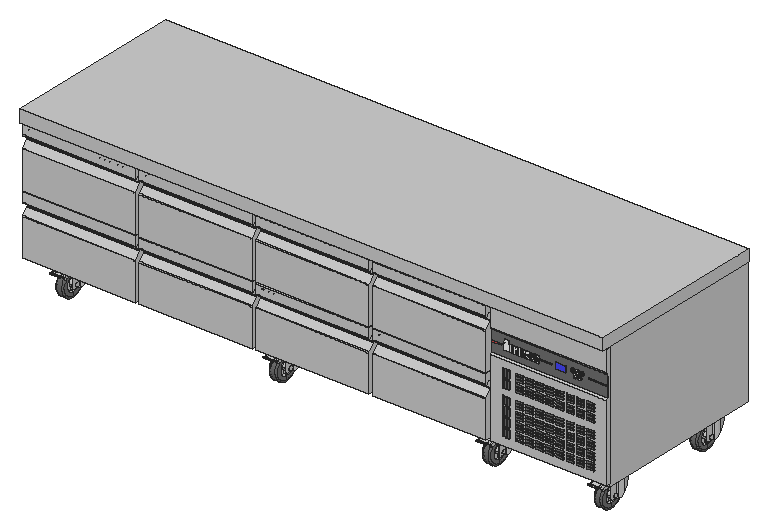
Revit family "QF_INOMAK_PWDP7777_250528083448", category Specialty Equipment, Revit 2021 (continued)
Definition of nested family "QF_INOMAK_REF_COUNTERS_DOORS_DRAWERS_16014"
  Definition of nested family "Right_Door"
    Parameters (values of type "Right door")
      Description = ""
      Depth Actual [instance] = 700 mm
      Default Elevation = 0 mm
      Bottom inset [instance] = 4 mm
      Assembly Code = "E1090320"
    Reference planes
      plane 1 "Back": y = 0
      plane 2: z = 0
      plane 3 "Left": x = 0
      plane 4 "Right": x = 1700
      plane 5 "Front": y = -700
      plane 6 "Top": z = 1050
      plane 7 "Front legs": y = -690
      plane 8 "Legs top": z = 150
      plane 9 "Backsplash thickness": y = -10
      plane 10 "Left panel": x = 35
      plane 11 "Right panel": x = 1665
      plane 12: z = 1046
      plane 13: z = 154
    Forms (mm)
      Extrusion 1, solid, material <- "Finish", visible <- "Right hand hinged door"
        sketch origin (35, 0, 0) x (0, -1, 0) y (0, 0, 1)
          loop
            line (690, 154) -> (690, 960.365)
            arc (690, 960.365) -> (689.866, 961.037) -> (689.485, 961.607) r 1.757
            line (689.485, 961.607) -> (666.663, 984.429)
            arc (666.663, 984.429) -> (665.976, 985.458) -> (665.734, 986.672) r 3.172
            line (665.734, 986.672) -> (665.734, 1013.576)
            arc (665.734, 1013.576) -> (666.433, 1015.262) -> (668.119, 1015.961) r 2.385
            line (668.119, 1015.961) -> (680.029, 1015.961) -> (686.544, 1006.657)
            arc (686.544, 1006.657) -> (688.671, 1005.935) -> (690, 1007.747) r 1.9
            line (690, 1007.747) -> (690, 1046) -> (648, 1046) -> (648, 154) -> (690, 154)
        from 0 to -1630
      Extrusion 2, solid, visible <- "Right hand hinged door", detail levels coarse
        sketch origin (0, -700, 154) x (-1, 0, 0) y (0, 1, 0)
          loop
            line (-1665, 10) -> (-1665, -1637.12)
            arc (-1665, -1637.12) -> (-517.894, -1142.214) -> (-35, 10) r 1670.236
            line (-35, 10) -> (-1665, 10)
        from 0 to -892
    Lines and regions (mm)
      symbolic lines, visible <- "Right hand hinged door"
        curve 1: line (1665, -2337.12, 150) -> (1665, -700, 150)
        curve 2: arc (1665, -2337.12, 150) -> (521.415, -1845.762, 150) -> (35.165, -699.995, 150) r 1670.236
    Dimensions and locks
      "Length Actual": plane 3 "Left" to plane 4 "Right"
      "Depth Actual": plane 5 "Front" to plane 1 "Back"
      "Height Actual": plane 6 "Top" to plane 8 "Legs top"
      "Front inset": plane 7 "Front legs" to plane 5 "Front"
      "Plinth height": plane 8 "Legs top" to plane 2
      "Rear inset": plane 9 "Backsplash thickness" to plane 1 "Back"
      "Right panel thickness": plane 11 "Right panel" to plane 4 "Right"
      "Left panel thickness": plane 3 "Left" to plane 10 "Left panel"
      "Top inset": plane 6 "Top" to plane 12
      "Bottom inset": plane 13 to plane 8 "Legs top"
      aligned and locked: level to plane 2
      aligned and locked: Extrusion 1 to plane 11 "Right panel"
      aligned and locked: plane 10 "Left panel" to Extrusion 2 sketch curve
      aligned and locked: plane 11 "Right panel" to Extrusion 2 sketch curve
      aligned and locked: plane 7 "Front legs" to Extrusion 2
      aligned and locked: plane 7 "Front legs" to Extrusion 2 sketch curve
      aligned and locked: Extrusion 2 sketch curve to plane 11 "Right panel"
      aligned and locked: curve 1 to Extrusion 2
      aligned and locked: plane 5 "Front" to curve 1
      aligned and locked: Extrusion 2 to plane 12
      aligned and locked: Extrusion 1 sketch curve to plane 12
      aligned and locked: Extrusion 1 sketch curve to plane 7 "Front legs"
      aligned and locked: Extrusion 1 sketch curve to plane 13
      aligned and locked: curve 2 to Extrusion 2
    Automatic sketch dimensions
      Extrusion 1 sketch curve to Extrusion 1 sketch curve = 1.556 mm
      Extrusion 1 sketch curve to Extrusion 1 sketch curve = 11.91 mm
      Extrusion 1 sketch curve to Extrusion 1 sketch curve = 2.243 mm
      Extrusion 1 sketch curve to Extrusion 1 sketch curve = 2.385 mm
      Extrusion 1 sketch curve to Extrusion 1 sketch curve = 20.119 mm
      Extrusion 1 sketch curve to Extrusion 1 sketch curve = 22.822 mm
      Extrusion 1 sketch curve to Extrusion 1 sketch curve = 19.985 mm
      Extrusion 1 sketch curve to Extrusion 1 sketch curve = 6.919 mm
      Extrusion 1 sketch curve to Extrusion 1 sketch curve = 30.039 mm
      plane 7 "Front legs" to Extrusion 1 sketch curve = 42 mm
      Extrusion 1 sketch curve to Extrusion 1 sketch curve = 0.929 mm
      Extrusion 1 sketch curve to Extrusion 1 sketch curve = 6.515 mm
      Extrusion 1 sketch curve to Extrusion 1 sketch curve = 1.242 mm
      Extrusion 1 sketch curve to Extrusion 1 sketch curve = 1.9 mm
      Extrusion 1 sketch curve to Extrusion 1 sketch curve = 0.515 mm
      Extrusion 2 sketch curve to plane 4 "Right" = 5.083 mm
      plane 7 "Front legs" to Extrusion 2 sketch curve = 22.635 mm
      plane 5 "Front" to curve 2 = 0.005 mm
  Definition of nested family "3_Drawers_1-3"
    Parameters (values of type "3 Drawers 1-3")
      URL = "www.specifiglobal.com"
      Top inset [instance] = 4 mm
      Right panel thickness [instance] = 35 mm
      Rear inset [instance] = 10 mm
      Plinth height [instance] = 150 mm
      Model = ""
      Manufacturer = "DEMO CONSULTANT"
      Length Actual [instance] = 1200 mm
      Left panel thickness [instance] = 35 mm
      Height Actual [instance] = 900 mm
      Front inset [instance] = 10 mm
      Finish = none
      Doors drawers type [instance] = 6
      Description = ""
      Depth Actual [instance] = 700 mm
      Default Elevation = 0 mm
      Bottom inset [instance] = 4 mm
      Assembly Code = "E1090320"
      3 Drawers [instance] = Doors drawers type = 6  # yes
    Reference planes
      plane 1 "Back": y = 0
      plane 2: z = 0
      plane 3 "Left": x = 0
      plane 4 "Right": x = 1200
      plane 5 "Front": y = -700
      plane 6 "Top": z = 1050
      plane 7 "Front legs": y = -690
      plane 8 "Legs top": z = 150
      plane 9 "Backsplash thickness": y = -10
      plane 10 "Left panel": x = 35
      plane 11 "Right panel": x = 1165
      plane 12: z = 749.333
      plane 13: z = 1046
      plane 14: z = 751.667
      plane 15: z = 747
      plane 16: z = 1048
      plane 17: z = 450.667
      plane 18: z = 453.333
      plane 19: z = 448
      plane 20: z = 154
      plane 21: z = 152
    Forms (mm)
      Extrusion 1, solid, material <- "Finish", visible <- "3 Drawers"
        sketch origin (35, 0, 0) x (0, -1, 0) y (0, 0, 1)
          loop
            line (690, 751.667) -> (690, 960.365)
            arc (690, 960.365) -> (689.866, 961.037) -> (689.485, 961.607) r 1.757
            line (689.485, 961.607) -> (666.663, 984.429)
            arc (666.663, 984.429) -> (665.976, 985.458) -> (665.734, 986.672) r 3.172
            line (665.734, 986.672) -> (665.734, 1013.576)
            arc (665.734, 1013.576) -> (666.433, 1015.262) -> (668.119, 1015.961) r 2.385
            line (668.119, 1015.961) -> (680.029, 1015.961) -> (686.544, 1006.657)
            arc (686.544, 1006.657) -> (688.671, 1005.935) -> (690, 1007.747) r 1.9
            line (690, 1007.747) -> (690, 1046) -> (648, 1046) -> (648, 751.667) -> (690, 751.667)
        from 0 to -1130
      Extrusion 2, solid, visible <- "3 Drawers", detail levels coarse
        sketch origin (0, -640.463, 751.667) x (0, 1, 0) y (-1, 0, 0)
          loop
            line (-49.537, -35) -> (-624.582, -35) -> (-624.582, -1165) -> (-49.537, -1165) -> (-49.537, -35)
        from 0 to 294.333
      Extrusion 3, solid, visible <- "3 Drawers", detail levels coarse
        sketch origin (0, -640.463, 453.333) x (0, 1, 0) y (-1, 0, 0)
          loop
            line (-49.537, -35) -> (-624.582, -35) -> (-624.582, -1165) -> (-49.537, -1165) -> (-49.537, -35)
        from 0 to 293.667
      Extrusion 4, solid, visible <- "3 Drawers", detail levels coarse
        sketch origin (0, -700, 154) x (-1, 0, 0) y (0, 1, 0)
          loop
            line (-35, 10) -> (-1165, 10) -> (-1165, -565.045) -> (-35, -565.045) -> (-35, 10)
        from 0 to -294
      Extrusion 5, solid, material <- "Finish", visible <- "3 Drawers"
        sketch origin (35, 0, -220.667) x (0, -1, 0) y (0, 0, 1)
          loop
            line (690, 674) -> (690, 882.031)
            arc (690, 882.031) -> (689.866, 882.704) -> (689.485, 883.274) r 1.757
            line (689.485, 883.274) -> (666.663, 906.096)
            arc (666.663, 906.096) -> (665.976, 907.125) -> (665.734, 908.339) r 3.172
            line (665.734, 908.339) -> (665.734, 935.243)
            arc (665.734, 935.243) -> (666.433, 936.929) -> (668.119, 937.628) r 2.385
            line (668.119, 937.628) -> (680.029, 937.628) -> (686.544, 928.324)
            arc (686.544, 928.324) -> (688.671, 927.602) -> (690, 929.414) r 1.9
            line (690, 929.414) -> (690, 967.667) -> (648, 967.667) -> (648, 674) -> (690, 674)
        from 0 to -1130
      Extrusion 6, solid, material <- "Finish", visible <- "3 Drawers"
        sketch origin (35, 0, -441.333) x (0, -1, 0) y (0, 0, 1)
          loop
            line (690, 595.333) -> (690, 800.031)
            arc (690, 800.031) -> (689.866, 800.704) -> (689.485, 801.274) r 1.757
            line (689.485, 801.274) -> (666.663, 824.096)
            arc (666.663, 824.096) -> (665.976, 825.125) -> (665.734, 826.339) r 3.172
            line (665.734, 826.339) -> (665.734, 857.243)
            arc (665.734, 857.243) -> (666.433, 858.929) -> (668.119, 859.628) r 2.385
            line (668.119, 859.628) -> (680.029, 859.628) -> (686.544, 850.324)
            arc (686.544, 850.324) -> (688.671, 849.602) -> (690, 851.414) r 1.9
            line (690, 851.414) -> (690, 889.333) -> (648, 889.333) -> (648, 595.333) -> (690, 595.333)
        from 0 to -1130
    Lines and regions (mm)
      symbolic lines, visible <- "3 Drawers"
        curve 1: line (35, -850, 900) -> (35, -890, 900)
        curve 2: line (35, -890, 900) -> (1165, -890, 900)
        curve 3: line (1165, -890, 900) -> (1165, -850, 900)
        curve 4: line (1165, -850, 900) -> (35, -850, 900)
        curve 5: line (1135, -850, 900) -> (1135, -700, 900)
        curve 6: line (65, -850, 900) -> (65, -700, 900)
        curve 7: line (35, -1040, 900) -> (35, -1080, 900)
        curve 8: line (35, -1080, 900) -> (1165, -1080, 900)
        curve 9: line (1165, -1080, 900) -> (1165, -1040, 900)
        curve 10: line (1165, -1040, 900) -> (35, -1040, 900)
        curve 11: line (1135, -1040, 900) -> (1135, -890, 900)
        curve 12: line (65, -1040, 900) -> (65, -890, 900)
        curve 13: line (35, -1225, 900) -> (35, -1265, 900)
        curve 14: line (35, -1265, 900) -> (1165, -1265, 900)
        curve 15: line (1165, -1265, 900) -> (1165, -1225, 900)
        curve 16: line (1165, -1225, 900) -> (35, -1225, 900)
        curve 17: line (1135, -1225, 900) -> (1135, -1080, 900)
        curve 18: line (65, -1225, 900) -> (65, -1080, 900)
    Dimensions and locks
      "Length Actual": plane 3 "Left" to plane 4 "Right"
      "Depth Actual": plane 5 "Front" to plane 1 "Back"
      "Height Actual": plane 6 "Top" to plane 8 "Legs top"
      "Front inset": plane 7 "Front legs" to plane 5 "Front"
      "Plinth height": plane 8 "Legs top" to plane 2
      "Rear inset": plane 9 "Backsplash thickness" to plane 1 "Back"
      "Right panel thickness": plane 11 "Right panel" to plane 4 "Right"
      "Left panel thickness": plane 3 "Left" to plane 10 "Left panel"
      plane 14 to plane 15 = 4.667 mm
      equal spacing: plane 14, plane 12, plane 15
      locked: plane 16 to plane 13 at 2
      equal spacing: plane 18, plane 17, plane 19
      plane 18 to plane 19 = 5.333 mm
      "Bottom inset": plane 20 to plane 8 "Legs top"
      equal spacing: plane 21, plane 17, plane 12, plane 16
      "Top inset": plane 13 to plane 6 "Top"
      locked: plane 21 to plane 20 at 2
      aligned and locked: level to plane 2
      aligned and locked: Extrusion 1 to plane 11 "Right panel"
      aligned and locked: plane 10 "Left panel" to curve 1
      aligned and locked: plane 10 "Left panel" to curve 7
      aligned and locked: plane 10 "Left panel" to curve 13
      aligned and locked: Extrusion 2 sketch curve to plane 10 "Left panel"
      aligned and locked: plane 11 "Right panel" to Extrusion 2 sketch curve
      aligned and locked: Extrusion 3 sketch curve to plane 10 "Left panel"
      aligned and locked: plane 11 "Right panel" to Extrusion 3 sketch curve
      aligned and locked: Extrusion 4 sketch curve to plane 10 "Left panel"
      aligned and locked: plane 11 "Right panel" to Extrusion 4 sketch curve
      aligned and locked: Extrusion 2 to plane 13
      aligned and locked: Extrusion 3 to plane 15
      aligned and locked: Extrusion 4 to plane 19
      aligned and locked: Extrusion 5 to plane 11 "Right panel"
      aligned and locked: Extrusion 6 to plane 11 "Right panel"
      aligned and locked: Extrusion 1 sketch curve to plane 13
      aligned and locked: Extrusion 1 sketch curve to plane 7 "Front legs"
      aligned and locked: plane 18 to Extrusion 5 sketch curve
      aligned and locked: Extrusion 6 sketch curve to Extrusion 4  (x2)
      aligned and locked: Extrusion 5 sketch curve to plane 15
      aligned and locked: Extrusion 4 to Extrusion 5 sketch curve
      aligned and locked: Extrusion 6 sketch curve to plane 19
      aligned and locked: Extrusion 6 sketch curve to plane 20
    Automatic sketch dimensions
      Extrusion 2 sketch curve to plane 7 "Front legs" = 0 mm
      Extrusion 2 sketch curve to plane 5 "Front" = 565.045 mm
      Extrusion 3 sketch curve to plane 7 "Front legs" = 0 mm
      Extrusion 3 sketch curve to plane 5 "Front" = 565.045 mm
      Extrusion 4 sketch curve to plane 7 "Front legs" = 0 mm
      Extrusion 4 sketch curve to plane 5 "Front" = 565.045 mm
      curve 14 to plane 11 "Right panel" = 0 mm
      curve 8 to plane 11 "Right panel" = 0 mm
      curve 3 to plane 11 "Right panel" = 0 mm
      curve 6 to plane 5 "Front" = 0 mm
      curve 5 to plane 5 "Front" = 0 mm
      curve 1 to plane 5 "Front" = 150 mm
      curve 2 to curve 3 = 40 mm
      curve 10 to curve 1 = 150 mm
      curve 9 to curve 9 = 40 mm
      curve 13 to curve 7 = 145 mm
      curve 14 to curve 13 = 40 mm
      curve 3 to curve 5 = 30 mm
      curve 15 to curve 17 = 30 mm
      curve 11 to curve 17 = 0 mm
      curve 6 to plane 10 "Left panel" = 30 mm
      curve 18 to plane 10 "Left panel" = 30 mm
      curve 12 to curve 18 = 0 mm
      Extrusion 1 sketch curve to plane 14 = 0 mm
      Extrusion 1 sketch curve to plane 7 "Front legs" = 0 mm
      plane 7 "Front legs" to Extrusion 1 sketch curve = 0.515 mm
      plane 7 "Front legs" to Extrusion 1 sketch curve = 1.757 mm
      plane 7 "Front legs" to Extrusion 1 sketch curve = 1.9 mm
      Extrusion 1 sketch curve to Extrusion 1 sketch curve = 1.556 mm
      plane 7 "Front legs" to Extrusion 1 sketch curve = 9.971 mm
      plane 7 "Front legs" to Extrusion 1 sketch curve = 21.094 mm
      Extrusion 1 sketch curve to Extrusion 1 sketch curve = 11.91 mm
      Extrusion 1 sketch curve to Extrusion 1 sketch curve = 2.243 mm
      Extrusion 1 sketch curve to Extrusion 1 sketch curve = 2.385 mm
      Extrusion 1 sketch curve to Extrusion 1 sketch curve = 20.119 mm
      plane 13 to Extrusion 1 sketch curve = 85.635 mm
      Extrusion 1 sketch curve to Extrusion 1 sketch curve = 22.822 mm
      Extrusion 1 sketch curve to Extrusion 1 sketch curve = 19.985 mm
      Extrusion 1 sketch curve to Extrusion 1 sketch curve = 6.919 mm
      plane 15 to Extrusion 5 sketch curve = 59.328 mm
      Extrusion 5 sketch curve to Extrusion 5 sketch curve = 17.734 mm
      plane 15 to Extrusion 5 sketch curve = 61.571 mm
      Extrusion 5 sketch curve to Extrusion 5 sketch curve = 0.929 mm
      Extrusion 5 sketch curve to Extrusion 5 sketch curve = 2.385 mm
      Extrusion 5 sketch curve to Extrusion 5 sketch curve = 11.91 mm
      Extrusion 5 sketch curve to Extrusion 5 sketch curve = 6.515 mm
      Extrusion 5 sketch curve to Extrusion 5 sketch curve = 1.556 mm
      Extrusion 5 sketch curve to Extrusion 5 sketch curve = 21.58 mm
      plane 15 to Extrusion 5 sketch curve = 84.393 mm
      Extrusion 5 sketch curve to Extrusion 5 sketch curve = 1.242 mm
      Extrusion 5 sketch curve to Extrusion 5 sketch curve = 1.9 mm
      Extrusion 5 sketch curve to Extrusion 5 sketch curve = 0.515 mm
      Extrusion 5 sketch curve to Extrusion 5 sketch curve = 6.919 mm
      Extrusion 5 sketch curve to Extrusion 5 sketch curve = 30.039 mm
      plane 7 "Front legs" to Extrusion 6 sketch curve = 0.515 mm
      plane 7 "Front legs" to Extrusion 6 sketch curve = 1.757 mm
      plane 7 "Front legs" to Extrusion 6 sketch curve = 1.9 mm
      Extrusion 6 sketch curve to Extrusion 6 sketch curve = 1.556 mm
      plane 7 "Front legs" to Extrusion 6 sketch curve = 9.971 mm
      plane 7 "Front legs" to Extrusion 6 sketch curve = 21.094 mm
      Extrusion 6 sketch curve to Extrusion 6 sketch curve = 11.91 mm
      Extrusion 6 sketch curve to Extrusion 6 sketch curve = 2.243 mm
      Extrusion 6 sketch curve to Extrusion 6 sketch curve = 2.385 mm
      Extrusion 6 sketch curve to Extrusion 6 sketch curve = 20.119 mm
      plane 19 to Extrusion 6 sketch curve = 89.302 mm
      Extrusion 6 sketch curve to Extrusion 6 sketch curve = 22.822 mm
      Extrusion 6 sketch curve to Extrusion 6 sketch curve = 23.985 mm
      Extrusion 6 sketch curve to Extrusion 6 sketch curve = 6.919 mm
  Definition of nested family "2_Drawers_1-2"
    Parameters (values of type "2 Drawers 1-2")
      URL = "www.specifiglobal.com"
      Top inset [instance] = 4 mm
      Right panel thickness [instance] = 35 mm
      Rear inset [instance] = 10 mm
      Plinth height [instance] = 150 mm
      Model = ""
      Manufacturer = "DEMO CONSULTANT"
      Length Actual [instance] = 1200 mm
      Left panel thickness [instance] = 35 mm
      Height Actual [instance] = 900 mm
      Front inset [instance] = 10 mm
      Finish = none
      Doors drawers type [instance] = 4
      Description = ""
      Depth Actual [instance] = 700 mm
      Default Elevation = 0 mm
      Bottom inset [instance] = 4 mm
      Assembly Code = "E1090320"
      2 Drawers [instance] = Doors drawers type = 4  # yes
    Reference planes
      plane 1 "Back": y = 0
      plane 2: z = 0
      plane 3 "Left": x = 0
      plane 4 "Right": x = 1200
      plane 5 "Front": y = -700
      plane 6 "Top": z = 1050
      plane 7 "Front legs": y = -690
      plane 8 "Legs top": z = 150
      plane 9 "Backsplash thickness": y = -10
      plane 10 "Left panel": x = 35
      plane 11 "Right panel": x = 1165
      plane 12: z = 600
      plane 13: z = 1046
      plane 14: z = 602
      plane 15: z = 598
      plane 16: z = 154
    Forms (mm)
      Extrusion 1, solid, material <- "Finish", visible <- "2 Drawers"
        sketch origin (35, 0, 0) x (0, -1, 0) y (0, 0, 1)
          loop
            line (690, 602) -> (690, 960.365)
            arc (690, 960.365) -> (689.866, 961.037) -> (689.485, 961.607) r 1.757
            line (689.485, 961.607) -> (666.663, 984.429)
            arc (666.663, 984.429) -> (665.976, 985.458) -> (665.734, 986.672) r 3.172
            line (665.734, 986.672) -> (665.734, 1013.576)
            arc (665.734, 1013.576) -> (666.433, 1015.262) -> (668.119, 1015.961) r 2.385
            line (668.119, 1015.961) -> (680.029, 1015.961) -> (686.544, 1006.657)
            arc (686.544, 1006.657) -> (688.671, 1005.935) -> (690, 1007.747) r 1.9
            line (690, 1007.747) -> (690, 1046) -> (648, 1046) -> (648, 602) -> (690, 602)
        from 0 to -1130
      Extrusion 2, solid, visible <- "2 Drawers", detail levels coarse
        sketch origin (0, -640.463, 602) x (0, 1, 0) y (-1, 0, 0)
          loop
            line (-49.537, -35) -> (-624.537, -35) -> (-624.537, -1165) -> (-49.537, -1165) -> (-49.537, -35)
        from 0 to 444
      Extrusion 3, solid, visible <- "2 Drawers", detail levels coarse
        sketch origin (0, -700, 154) x (-1, 0, 0) y (0, 1, 0)
          loop
            line (-35, 10) -> (-1165, 10) -> (-1165, -565) -> (-35, -565) -> (-35, 10)
        from 0 to -444
      Extrusion 4, solid, material <- "Finish", visible <- "2 Drawers"
        sketch origin (35, 0, -441.333) x (0, -1, 0) y (0, 0, 1)
          loop
            line (690, 595.333) -> (690, 953.698)
            arc (690, 953.698) -> (689.866, 954.37) -> (689.485, 954.94) r 1.757
            line (689.485, 954.94) -> (666.663, 977.763)
            arc (666.663, 977.763) -> (665.976, 978.792) -> (665.734, 980.006) r 3.172
            line (665.734, 980.006) -> (665.734, 1006.909)
            arc (665.734, 1006.909) -> (666.433, 1008.596) -> (668.119, 1009.294) r 2.385
            line (668.119, 1009.294) -> (680.029, 1009.294) -> (686.544, 999.991)
            arc (686.544, 999.991) -> (688.671, 999.268) -> (690, 1001.08) r 1.9
            line (690, 1001.08) -> (690, 1039.333) -> (648, 1039.333) -> (648, 595.333) -> (690, 595.333)
        from 0 to -1130
    Lines and regions (mm)
      symbolic lines, visible <- "2 Drawers"
        curve 1: line (35, -940, 900) -> (35, -980, 900)
        curve 2: line (35, -980, 900) -> (1165, -980, 900)
        curve 3: line (1165, -980, 900) -> (1165, -940, 900)
        curve 4: line (1165, -940, 900) -> (35, -940, 900)
        curve 5: line (1135, -940, 900) -> (1135, -700, 900)
        curve 6: line (65, -940, 900) -> (65, -700, 900)
        curve 7: line (35, -1225, 900) -> (35, -1265, 900)
        curve 8: line (35, -1265, 900) -> (1165, -1265, 900)
        curve 9: line (1165, -1265, 900) -> (1165, -1225, 900)
        curve 10: line (1165, -1225, 900) -> (35, -1225, 900)
        curve 11: line (1135, -1225, 900) -> (1135, -980, 900)
        curve 12: line (65, -1225, 900) -> (65, -980, 900)
    Dimensions and locks
      "Length Actual": plane 3 "Left" to plane 4 "Right"
      "Depth Actual": plane 5 "Front" to plane 1 "Back"
      "Height Actual": plane 6 "Top" to plane 8 "Legs top"
      "Front inset": plane 7 "Front legs" to plane 5 "Front"
      "Plinth height": plane 8 "Legs top" to plane 2
      "Rear inset": plane 9 "Backsplash thickness" to plane 1 "Back"
      "Right panel thickness": plane 11 "Right panel" to plane 4 "Right"
      "Left panel thickness": plane 3 "Left" to plane 10 "Left panel"
      "Top inset": plane 6 "Top" to plane 13
      "Bottom inset": plane 16 to plane 8 "Legs top"
      equal spacing: plane 16, plane 12, plane 13
      locked: plane 14 to plane 12 at 2
      locked: plane 15 to plane 12 at 2
      aligned and locked: level to plane 2
      aligned and locked: Extrusion 1 to plane 11 "Right panel"
      aligned and locked: plane 10 "Left panel" to curve 1
      aligned and locked: plane 10 "Left panel" to curve 7
      aligned and locked: Extrusion 2 sketch curve to plane 10 "Left panel"
      aligned and locked: plane 11 "Right panel" to Extrusion 2 sketch curve
      aligned and locked: Extrusion 3 sketch curve to plane 10 "Left panel"
      aligned and locked: plane 11 "Right panel" to Extrusion 3 sketch curve
      aligned and locked: Extrusion 2 to plane 13
      aligned and locked: Extrusion 4 to plane 11 "Right panel"
      aligned and locked: Extrusion 3 to plane 15
      aligned and locked: Extrusion 1 sketch curve to plane 13
      aligned and locked: Extrusion 1 sketch curve to plane 7 "Front legs"
      aligned and locked: plane 14 to Extrusion 1 sketch curve
      aligned and locked: Extrusion 4 sketch curve to plane 15
      aligned and locked: Extrusion 4 sketch curve to plane 7 "Front legs"
      aligned and locked: Extrusion 4 sketch curve to plane 16
    Automatic sketch dimensions
      Extrusion 2 sketch curve to plane 7 "Front legs" = 0 mm
      Extrusion 2 sketch curve to plane 5 "Front" = 565 mm
      Extrusion 3 sketch curve to plane 7 "Front legs" = 0 mm
      Extrusion 3 sketch curve to plane 5 "Front" = 565 mm
      curve 9 to plane 11 "Right panel" = 0 mm
      curve 2 to plane 11 "Right panel" = 0 mm
      curve 5 to plane 5 "Front" = 0 mm
      curve 6 to plane 5 "Front" = 0 mm
      curve 1 to plane 5 "Front" = 240 mm
      curve 3 to curve 3 = 40 mm
      curve 7 to curve 1 = 245 mm
      curve 8 to curve 9 = 40 mm
      plane 11 "Right panel" to curve 5 = 30 mm
      curve 2 to curve 11 = 30 mm
      curve 6 to plane 10 "Left panel" = 30 mm
      curve 12 to plane 10 "Left panel" = 30 mm
      Extrusion 1 sketch curve to Extrusion 1 sketch curve = 17.734 mm
      Extrusion 1 sketch curve to Extrusion 1 sketch curve = 0.929 mm
      Extrusion 1 sketch curve to Extrusion 1 sketch curve = 2.385 mm
      Extrusion 1 sketch curve to Extrusion 1 sketch curve = 3.172 mm
      Extrusion 1 sketch curve to Extrusion 1 sketch curve = 11.91 mm
      Extrusion 1 sketch curve to Extrusion 1 sketch curve = 6.515 mm
      Extrusion 1 sketch curve to Extrusion 1 sketch curve = 1.556 mm
      Extrusion 1 sketch curve to Extrusion 1 sketch curve = 21.58 mm
      Extrusion 1 sketch curve to Extrusion 1 sketch curve = 1.242 mm
      Extrusion 1 sketch curve to Extrusion 1 sketch curve = 1.9 mm
      Extrusion 1 sketch curve to Extrusion 1 sketch curve = 0.515 mm
      Extrusion 1 sketch curve to Extrusion 1 sketch curve = 22.822 mm
      Extrusion 1 sketch curve to Extrusion 1 sketch curve = 19.985 mm
      Extrusion 1 sketch curve to Extrusion 1 sketch curve = 6.919 mm
      Extrusion 1 sketch curve to Extrusion 1 sketch curve = 30.039 mm
      Extrusion 4 sketch curve to plane 7 "Front legs" = 0 mm
      plane 7 "Front legs" to Extrusion 4 sketch curve = 0.515 mm
      plane 7 "Front legs" to Extrusion 4 sketch curve = 1.757 mm
      plane 7 "Front legs" to Extrusion 4 sketch curve = 1.9 mm
      Extrusion 4 sketch curve to Extrusion 4 sketch curve = 1.556 mm
      plane 7 "Front legs" to Extrusion 4 sketch curve = 9.971 mm
      plane 7 "Front legs" to Extrusion 4 sketch curve = 21.094 mm
      Extrusion 4 sketch curve to Extrusion 4 sketch curve = 11.91 mm
      Extrusion 4 sketch curve to Extrusion 4 sketch curve = 2.243 mm
      Extrusion 4 sketch curve to Extrusion 4 sketch curve = 2.385 mm
      Extrusion 4 sketch curve to Extrusion 4 sketch curve = 20.119 mm
      Extrusion 4 sketch curve to Extrusion 4 sketch curve = 22.822 mm
      Extrusion 4 sketch curve to Extrusion 4 sketch curve = 19.985 mm
      Extrusion 4 sketch curve to Extrusion 4 sketch curve = 6.919 mm
      Extrusion 4 sketch curve to Extrusion 4 sketch curve = 30.039 mm
  Definition of nested family "2_Drawers_1-3_2-3"
    Parameters (values of type "2 Drawers 1-3 and 2-3")
      URL = "www.specifiglobal.com"
      Top inset [instance] = 4 mm
      Right panel thickness [instance] = 35 mm
      Rear inset [instance] = 10 mm
      Plinth height [instance] = 150 mm
      Model = ""
      Manufacturer = "DEMO CONSULTANT"
      Length Actual [instance] = 1200 mm
      Left panel thickness [instance] = 35 mm
      Height Actual [instance] = 900 mm
      Front inset [instance] = 10 mm
      Finish = none
      Doors drawers type [instance] = 5
      Description = ""
      Depth Actual [instance] = 700 mm
      Default Elevation = 0 mm
      Bottom inset [instance] = 4 mm
      Assembly Code = "E1090320"
      2 Drawers 1-3 and 2-3 [instance] = Doors drawers type = 5  # yes
    Reference planes
      plane 1 "Back": y = 0
      plane 2: z = 0
      plane 3 "Left": x = 0
      plane 4 "Right": x = 1200
      plane 5 "Front": y = -700
      plane 6 "Top": z = 1050
      plane 7 "Front legs": y = -690
      plane 8 "Legs top": z = 150
      plane 9 "Backsplash thickness": y = -10
      plane 10 "Left panel": x = 35
      plane 11 "Right panel": x = 1165
      plane 12: z = 1046
      plane 13: z = 751.833
      plane 14: z = 746.833
      plane 15: z = 154
      plane 16: z = 450.667
      plane 17: z = 152
      plane 18: z = 1048
      plane 19: z = 749.333
    Forms (mm)
      Extrusion 1, solid, material <- "Finish", visible <- "2 Drawers 1-3 and 2-3"
        sketch origin (35, 0, 0) x (0, -1, 0) y (0, 0, 1)
          loop
            line (690, 751.833) -> (690, 960.365)
            arc (690, 960.365) -> (689.866, 961.037) -> (689.485, 961.607) r 1.757
            line (689.485, 961.607) -> (666.663, 984.429)
            arc (666.663, 984.429) -> (665.976, 985.458) -> (665.734, 986.672) r 3.172
            line (665.734, 986.672) -> (665.734, 1013.576)
            arc (665.734, 1013.576) -> (666.433, 1015.262) -> (668.119, 1015.961) r 2.385
            line (668.119, 1015.961) -> (680.029, 1015.961) -> (686.544, 1006.657)
            arc (686.544, 1006.657) -> (688.671, 1005.935) -> (690, 1007.747) r 1.9
            line (690, 1007.747) -> (690, 1046) -> (648, 1046) -> (648, 751.833) -> (690, 751.833)
        from 0 to -1130
      Extrusion 2, solid, visible <- "2 Drawers 1-3 and 2-3", detail levels coarse
        sketch origin (0, -640.463, 751.833) x (0, 1, 0) y (-1, 0, 0)
          loop
            line (-49.537, -35) -> (-624.537, -35) -> (-624.537, -1165) -> (-49.537, -1165) -> (-49.537, -35)
        from 0 to 294.167
      Extrusion 3, solid, visible <- "2 Drawers 1-3 and 2-3", detail levels coarse
        sketch origin (0, -700, 154) x (-1, 0, 0) y (0, 1, 0)
          loop
            line (-35, 10) -> (-1165, 10) -> (-1165, -565) -> (-35, -565) -> (-35, 10)
        from 0 to -592.833
      Extrusion 4, solid, material <- "Finish", visible <- "2 Drawers 1-3 and 2-3"
        sketch origin (35, 0, -441.333) x (0, -1, 0) y (0, 0, 1)
          loop
            line (690, 595.333) -> (690, 1101.698)
            arc (690, 1101.698) -> (689.866, 1102.37) -> (689.485, 1102.94) r 1.757
            line (689.485, 1102.94) -> (666.663, 1126.596)
            arc (666.663, 1126.596) -> (665.976, 1127.625) -> (665.734, 1128.839) r 3.172
            line (665.734, 1128.839) -> (665.734, 1155.743)
            arc (665.734, 1155.743) -> (666.433, 1157.429) -> (668.119, 1158.128) r 2.385
            line (668.119, 1158.128) -> (680.029, 1158.128) -> (686.544, 1148.824)
            arc (686.544, 1148.824) -> (688.671, 1148.102) -> (690, 1149.914) r 1.9
            line (690, 1149.914) -> (690, 1188.167) -> (648, 1188.167) -> (648, 595.333) -> (690, 595.333)
        from 0 to -1130
    Lines and regions (mm)
      symbolic lines, visible <- "2 Drawers 1-3 and 2-3"
        curve 1: line (35, -1000, 900) -> (35, -1040, 900)
        curve 2: line (35, -1040, 900) -> (1165, -1040, 900)
        curve 3: line (1165, -1040, 900) -> (1165, -1000, 900)
        curve 4: line (1165, -1000, 900) -> (35, -1000, 900)
        curve 5: line (1135, -1000, 900) -> (1135, -700, 900)
        curve 6: line (65, -1000, 900) -> (65, -700, 900)
        curve 7: line (35, -1225, 900) -> (35, -1265, 900)
        curve 8: line (35, -1265, 900) -> (1165, -1265, 900)
        curve 9: line (1165, -1265, 900) -> (1165, -1225, 900)
        curve 10: line (1165, -1225, 900) -> (35, -1225, 900)
        curve 11: line (1135, -1225, 900) -> (1135, -1040, 900)
        curve 12: line (65, -1225, 900) -> (65, -1040, 900)
    Dimensions and locks
      "Length Actual": plane 3 "Left" to plane 4 "Right"
      "Depth Actual": plane 5 "Front" to plane 1 "Back"
      "Height Actual": plane 6 "Top" to plane 8 "Legs top"
      "Front inset": plane 7 "Front legs" to plane 5 "Front"
      "Plinth height": plane 8 "Legs top" to plane 2
      "Rear inset": plane 9 "Backsplash thickness" to plane 1 "Back"
      "Right panel thickness": plane 11 "Right panel" to plane 4 "Right"
      "Left panel thickness": plane 3 "Left" to plane 10 "Left panel"
      "Top inset": plane 6 "Top" to plane 12
      locked: plane 13 to plane 14 at 5
      "Bottom inset": plane 15 to plane 8 "Legs top"
      equal spacing: plane 17, plane 16, plane 19, plane 18
      equal spacing: plane 12, plane 18, plane 6 "Top"
      equal spacing: plane 14, plane 19, plane 13
      equal spacing: plane 15, plane 17, plane 8 "Legs top"
      aligned and locked: level to plane 2
      aligned and locked: Extrusion 1 to plane 11 "Right panel"
      aligned and locked: plane 10 "Left panel" to curve 1
      aligned and locked: plane 10 "Left panel" to curve 7
      aligned and locked: Extrusion 2 sketch curve to plane 10 "Left panel"
      aligned and locked: plane 11 "Right panel" to Extrusion 2 sketch curve
      aligned and locked: Extrusion 3 sketch curve to plane 10 "Left panel"
      aligned and locked: plane 11 "Right panel" to Extrusion 3 sketch curve
      aligned and locked: Extrusion 2 to plane 12
      aligned and locked: Extrusion 4 to plane 11 "Right panel"
      aligned and locked: Extrusion 3 to plane 14
      aligned and locked: plane 13 to Extrusion 1 sketch curve
      aligned and locked: Extrusion 2 to Extrusion 1 sketch curve
      aligned and locked: Extrusion 3 to Extrusion 4 sketch curve
      aligned and locked: Extrusion 4 sketch curve to Extrusion 3  (x2)
      aligned and locked: Extrusion 1 sketch curve to plane 7 "Front legs"
    Automatic sketch dimensions
      Extrusion 2 sketch curve to plane 7 "Front legs" = 0 mm
      Extrusion 2 sketch curve to plane 5 "Front" = 565 mm
      Extrusion 3 sketch curve to plane 7 "Front legs" = 0 mm
      Extrusion 3 sketch curve to plane 5 "Front" = 565 mm
      curve 9 to plane 11 "Right panel" = 0 mm
      curve 2 to plane 11 "Right panel" = 0 mm
      curve 5 to plane 5 "Front" = 0 mm
      curve 6 to plane 5 "Front" = 0 mm
      curve 1 to plane 5 "Front" = 300 mm
      curve 3 to curve 3 = 40 mm
      curve 7 to curve 1 = 185 mm
      curve 8 to curve 9 = 40 mm
      plane 11 "Right panel" to curve 5 = 30 mm
      curve 11 to curve 5 = 0 mm
      curve 6 to plane 10 "Left panel" = 30 mm
      curve 12 to curve 6 = 0 mm
      Extrusion 1 sketch curve to plane 7 "Front legs" = 0 mm
      plane 7 "Front legs" to Extrusion 1 sketch curve = 0.515 mm
      plane 7 "Front legs" to Extrusion 1 sketch curve = 1.757 mm
      plane 7 "Front legs" to Extrusion 1 sketch curve = 1.9 mm
      Extrusion 1 sketch curve to Extrusion 1 sketch curve = 1.556 mm
      plane 7 "Front legs" to Extrusion 1 sketch curve = 9.971 mm
      plane 7 "Front legs" to Extrusion 1 sketch curve = 21.094 mm
      Extrusion 1 sketch curve to Extrusion 1 sketch curve = 11.91 mm
      Extrusion 1 sketch curve to Extrusion 1 sketch curve = 2.243 mm
      Extrusion 1 sketch curve to Extrusion 1 sketch curve = 2.385 mm
      Extrusion 1 sketch curve to Extrusion 1 sketch curve = 20.119 mm
      plane 12 to Extrusion 1 sketch curve = 85.635 mm
      Extrusion 1 sketch curve to Extrusion 1 sketch curve = 22.822 mm
      Extrusion 1 sketch curve to Extrusion 1 sketch curve = 19.985 mm
      Extrusion 1 sketch curve to Extrusion 1 sketch curve = 6.919 mm
      plane 12 to Extrusion 1 sketch curve = 0 mm
      Extrusion 4 sketch curve to plane 7 "Front legs" = 0 mm
      plane 7 "Front legs" to Extrusion 4 sketch curve = 0.515 mm
      plane 7 "Front legs" to Extrusion 4 sketch curve = 1.9 mm
      Extrusion 4 sketch curve to Extrusion 4 sketch curve = 1.556 mm
      plane 7 "Front legs" to Extrusion 4 sketch curve = 9.971 mm
      plane 7 "Front legs" to Extrusion 4 sketch curve = 21.094 mm
      Extrusion 4 sketch curve to Extrusion 4 sketch curve = 11.91 mm
      Extrusion 4 sketch curve to Extrusion 4 sketch curve = 2.243 mm
      Extrusion 4 sketch curve to Extrusion 4 sketch curve = 2.385 mm
      Extrusion 4 sketch curve to Extrusion 4 sketch curve = 20.119 mm
      Extrusion 4 sketch curve to Extrusion 4 sketch curve = 86.469 mm
      Extrusion 4 sketch curve to Extrusion 4 sketch curve = 23.656 mm
      Extrusion 4 sketch curve to Extrusion 4 sketch curve = 19.985 mm
      Extrusion 4 sketch curve to Extrusion 4 sketch curve = 6.919 mm
      plane 7 "Front legs" to Extrusion 4 sketch curve = 1.757 mm
  Definition of nested family "Sliding_Doors"
    Parameters (values of type "Sliding doors")
      URL = "www.specifiglobal.com"
      Top inset [instance] = 4 mm
      Sliding doors [instance] = Doors drawers type = 2  # yes
      Right panel thickness [instance] = 35 mm
      Rear inset [instance] = 10 mm
      Plinth height [instance] = 150 mm
      Model = ""
      Manufacturer = "DEMO CONSULTANT"
      Length Actual [instance] = 1200 mm
      Left panel thickness [instance] = 35 mm
      Height Actual [instance] = 900 mm
      Front inset [instance] = 10 mm
      Finish [instance] = none
      Doors drawers type [instance] = 2
      Description = ""
      Depth Actual [instance] = 700 mm
      Default Elevation = 0 mm
      Bottom inset [instance] = 4 mm
      Assembly Code = "E1090320"
    Reference planes
      plane 1 "Back": y = 0
      plane 2: z = 0
      plane 3 "Left": x = 0
      plane 4 "Right": x = 1200
      plane 5 "Front": y = -700
      plane 6 "Top": z = 1050
      plane 7 "Front legs": y = -690
      plane 8 "Legs top": z = 150
      plane 9 "Backsplash thickness": y = -10
      plane 10: x = 35
      plane 11: x = 1165
      plane 12 "Center Left-Right": x = 600
      plane 13: z = 154
      plane 14: z = 1046
    Forms (mm)
      Extrusion 1, solid, material <- "Finish", visible <- "Sliding doors"
        sketch origin (0, -690, 154) x (-1, 0, 0) y (0, 1, 0)
          loop
            line (-35, 10) -> (-35, 20) -> (-620, 20) -> (-620, 0) -> (-91.156, 0)
            arc (-91.156, 0) -> (-85.272, 0.885) -> (-79.91, 3.461) r 20
            line (-79.91, 3.461) -> (-60, 17) -> (-38, 17) -> (-38, 10)
            arc (-38, 10) -> (-40.05, 5.05) -> (-45, 3) r 7
            line (-45, 3) -> (-50.012, 3) -> (-50.012, 0) -> (-45, 0)
            arc (-45, 0) -> (-37.929, 2.929) -> (-35, 10) r 10
        from 0 to -892
      Extrusion 2, solid, material <- "Finish", visible <- "Sliding doors"
        sketch origin (0, -689, 154) x (-1, 0, 0) y (0, 1, 0)
          loop
            arc (-1065, 30) -> (-1062.071, 22.929) -> (-1055, 20) r 10
            line (-1055, 20) -> (-1049.988, 20) -> (-1049.988, 23) -> (-1055, 23)
            arc (-1055, 23) -> (-1059.95, 25.05) -> (-1062, 30) r 7
            line (-1062, 30) -> (-1062, 37) -> (-1040, 37) -> (-1020.09, 23.461)
            arc (-1020.09, 23.461) -> (-1014.728, 20.885) -> (-1008.844, 20) r 20
            line (-1008.844, 20) -> (-480, 20) -> (-480, 40) -> (-1065, 40) -> (-1065, 30)
        from 0 to -892
    Lines and regions (mm)
      symbolic lines, visible <- "Sliding doors"
        curve 1: line (1065, -649, 150) -> (480, -649, 150)
        curve 2: line (1065, -669, 150) -> (1065, -649, 150)
        curve 3: line (480, -669, 150) -> (1065, -669, 150)
        curve 4: line (480, -649, 150) -> (480, -669, 150)
        curve 5: line (620, -690, 150) -> (35, -690, 150)
        curve 6: line (620, -670, 150) -> (620, -690, 150)
        curve 7: line (35, -670, 150) -> (620, -670, 150)
        curve 8: line (35, -690, 150) -> (35, -670, 150)
    Dimensions and locks
      "Length Actual": plane 3 "Left" to plane 4 "Right"
      "Depth Actual": plane 5 "Front" to plane 1 "Back"
      "Height Actual": plane 6 "Top" to plane 8 "Legs top"
      "Front inset": plane 7 "Front legs" to plane 5 "Front"
      "Plinth height": plane 8 "Legs top" to plane 2
      "Rear inset": plane 9 "Backsplash thickness" to plane 1 "Back"
      "Right panel thickness": plane 11 to plane 4 "Right"
      "Left panel thickness": plane 3 "Left" to plane 10
      equal spacing: plane 10, plane 12 "Center Left-Right", plane 11
      "Top inset": plane 6 "Top" to plane 14
      "Bottom inset": plane 13 to plane 8 "Legs top"
      locked: plane 12 "Center Left-Right" to curve 4 at 120
      locked: plane 12 "Center Left-Right" to curve 5 at 20
      locked: plane 11 to curve 1 at 100
      aligned and locked: level to plane 2
      aligned and locked: Extrusion 1 sketch curve to plane 7 "Front legs"
      aligned and locked: Extrusion 1 sketch curve to plane 10
      aligned and locked: Extrusion 1 to plane 14
      aligned and locked: Extrusion 2 to plane 14
      aligned and locked: curve 8 to plane 10
    Automatic sketch dimensions
      Extrusion 2 sketch curve to Extrusion 2 sketch curve = 0 mm  (x2)
      plane 11 to Extrusion 2 sketch curve = 100 mm
      Extrusion 2 sketch curve to Extrusion 2 sketch curve = 3 mm
      Extrusion 2 sketch curve to Extrusion 2 sketch curve = 7 mm  (x2)
      Extrusion 2 sketch curve to Extrusion 2 sketch curve = 5.012 mm
      plane 7 "Front legs" to Extrusion 2 sketch curve = 38 mm
      Extrusion 2 sketch curve to Extrusion 2 sketch curve = 15 mm
      plane 7 "Front legs" to Extrusion 2 sketch curve = 24.461 mm
      Extrusion 2 sketch curve to Extrusion 2 sketch curve = 19.91 mm
      Extrusion 2 sketch curve to Extrusion 2 sketch curve = 11.246 mm
      Extrusion 2 sketch curve to plane 12 "Center Left-Right" = 120 mm
      Extrusion 2 sketch curve to Extrusion 2 sketch curve = 16.539 mm
      Extrusion 2 sketch curve to Extrusion 2 sketch curve = 20 mm
      Extrusion 1 sketch curve to Extrusion 1 sketch curve = 0 mm  (x2)
      Extrusion 1 sketch curve to plane 7 "Front legs" = 0 mm
      Extrusion 1 sketch curve to plane 10 = 3 mm
      Extrusion 1 sketch curve to Extrusion 1 sketch curve = 7 mm
      Extrusion 1 sketch curve to Extrusion 1 sketch curve = 5.012 mm
      Extrusion 1 sketch curve to Extrusion 1 sketch curve = 15 mm
      plane 7 "Front legs" to Extrusion 1 sketch curve = 3.461 mm
      Extrusion 1 sketch curve to Extrusion 1 sketch curve = 19.91 mm
      Extrusion 1 sketch curve to Extrusion 1 sketch curve = 11.246 mm
      plane 12 "Center Left-Right" to Extrusion 1 sketch curve = 20 mm
      Extrusion 1 sketch curve to Extrusion 1 sketch curve = 20 mm
      Extrusion 1 sketch curve to Extrusion 1 sketch curve = 3 mm
      curve 8 to plane 7 "Front legs" = 0 mm
      curve 5 to curve 6 = 20 mm
      plane 7 "Front legs" to curve 2 = 21 mm
      curve 2 to curve 2 = 20 mm
  Definition of nested family "4_Drawers_1-4"
    Parameters (values of type "4 Drawers 1-4")
      URL = "www.specifiglobal.com"
      Top inset [instance] = 4 mm
      Right panel thickness [instance] = 35 mm
      Rear inset [instance] = 10 mm
      Plinth height [instance] = 150 mm
      Model = ""
      Manufacturer = "DEMO CONSULTANT"
      Length Actual [instance] = 1200 mm
      Left panel thickness [instance] = 35 mm
      Height Actual [instance] = 900 mm
      Front inset [instance] = 10 mm
      Finish [instance] = none
      Doors drawers type [instance] = 7
      Description = ""
      Depth Actual [instance] = 700 mm
      Default Elevation = 0 mm
      Bottom inset [instance] = 4 mm
      Assembly Code = "E1090320"
      4 Drawers [instance] = Doors drawers type = 7  # yes
    Reference planes
      plane 1 "Back": y = 0
      plane 2: z = 0
      plane 3 "Left": x = 0
      plane 4 "Right": x = 1200
      plane 5 "Front": y = -700
      plane 6 "Top": z = 1050
      plane 7 "Front legs": y = -690
      plane 8 "Legs top": z = 150
      plane 9 "Backsplash thickness": y = -10
      plane 10 "Left panel": x = 35
      plane 11 "Right panel": x = 1165
      plane 12: z = 824.25
      plane 13: z = 1046
      plane 14: z = 826.083
      plane 15: z = 822.417
      plane 16: z = 1048.5
      plane 17: z = 375.75
      plane 18: z = 377.917
      plane 19: z = 373.583
      plane 20: z = 154
      plane 21: z = 151.5
      plane 22: z = 600
      plane 23: z = 601.833
      plane 24: z = 598.167
    Forms (mm)
      Extrusion 1, solid, material <- "Finish", visible <- "4 Drawers"
        sketch origin (35, 0, -1) x (0, -1, 0) y (0, 0, 1)
          loop
            line (680, 1047) -> (670, 1047) -> (670, 827.083) -> (690, 827.083) -> (690, 990.844)
            arc (690, 990.844) -> (689.115, 996.728) -> (686.539, 1002.09) r 20
            line (686.539, 1002.09) -> (673, 1022) -> (673, 1044) -> (680, 1044)
            arc (680, 1044) -> (684.95, 1041.95) -> (687, 1037) r 7
            line (687, 1037) -> (687, 1031.988) -> (690, 1031.988) -> (690, 1037)
            arc (690, 1037) -> (687.071, 1044.071) -> (680, 1047) r 10
        from 0 to -1130
      Extrusion 2, solid, visible <- "4 Drawers", detail levels coarse
        sketch origin (0, -640.463, 826.083) x (0, 1, 0) y (-1, 0, 0)
          loop
            line (-49.537, -35) -> (-624.537, -35) -> (-624.537, -1165) -> (-49.537, -1165) -> (-49.537, -35)
        from 0 to 219.917
      Extrusion 3, solid, visible <- "4 Drawers", detail levels coarse
        sketch origin (0, -700, 154) x (-1, 0, 0) y (0, 1, 0)
          loop
            line (-35, 10) -> (-1165, 10) -> (-1165, -565) -> (-35, -565) -> (-35, 10)
        from 0 to -219.583
      Extrusion 4, solid, material <- "Finish", visible <- "4 Drawers"
        sketch origin (35, 0, -440.333) x (0, -1, 0) y (0, 0, 1)
          loop
            line (680, 813.917) -> (670, 813.917) -> (670, 594.333) -> (690, 594.333) -> (690, 757.761)
            arc (690, 757.761) -> (689.115, 763.644) -> (686.539, 769.007) r 20
            line (686.539, 769.007) -> (673, 788.917) -> (673, 810.917) -> (680, 810.917)
            arc (680, 810.917) -> (684.95, 808.866) -> (687, 803.917) r 7
            line (687, 803.917) -> (687, 798.904) -> (690, 798.904) -> (690, 803.917)
            arc (690, 803.917) -> (687.071, 810.988) -> (680, 813.917) r 10
        from 0 to -1130
      Extrusion 5, solid, material <- "Finish", visible <- "4 Drawers"
        sketch origin (35, 0, -165.333) x (0, -1, 0) y (0, 0, 1)
          loop
            line (680, 987.75) -> (670, 987.75) -> (670, 767.167) -> (690, 767.167) -> (690, 931.594)
            arc (690, 931.594) -> (689.115, 937.478) -> (686.539, 942.84) r 20
            line (686.539, 942.84) -> (673, 962.75) -> (673, 984.75) -> (680, 984.75)
            arc (680, 984.75) -> (684.95, 982.7) -> (687, 977.75) r 7
            line (687, 977.75) -> (687, 972.738) -> (690, 972.738) -> (690, 977.75)
            arc (690, 977.75) -> (687.071, 984.821) -> (680, 987.75) r 10
        from 0 to -1130
      Extrusion 6, solid, material <- "Finish", visible <- "4 Drawers"
        sketch origin (35, 0, -330.333) x (0, -1, 0) y (0, 0, 1)
          loop
            line (680, 928.5) -> (670, 928.5) -> (670, 708.25) -> (690, 708.25) -> (690, 872.344)
            arc (690, 872.344) -> (689.115, 878.228) -> (686.539, 883.59) r 20
            line (686.539, 883.59) -> (673, 903.5) -> (673, 925.5) -> (680, 925.5)
            arc (680, 925.5) -> (684.95, 923.45) -> (687, 918.5) r 7
            line (687, 918.5) -> (687, 913.488) -> (690, 913.488) -> (690, 918.5)
            arc (690, 918.5) -> (687.071, 925.571) -> (680, 928.5) r 10
        from 0 to -1130
      Extrusion 7, solid, visible <- "4 Drawers", detail levels coarse
        sketch origin (0, -500.463, 601.833) x (0, 1, 0) y (-1, 0, 0)
          loop
            line (-189.537, -35) -> (-764.537, -35) -> (-764.537, -1165) -> (-189.537, -1165) -> (-189.537, -35)
        from 0 to 220.583
      Extrusion 8, solid, visible <- "4 Drawers", detail levels coarse
        sketch origin (0, -540.463, 377.917) x (0, 1, 0) y (-1, 0, 0)
          loop
            line (-149.537, -35) -> (-724.537, -35) -> (-724.537, -1165) -> (-149.537, -1165) -> (-149.537, -35)
        from 0 to 220.25
    Lines and regions (mm)
      symbolic lines, visible <- "4 Drawers"
        curve 1: line (35, -945, 900) -> (35, -985, 900)
        curve 2: line (35, -985, 900) -> (1165, -985, 900)
        curve 3: line (1165, -985, 900) -> (1165, -945, 900)
        curve 4: line (1165, -945, 900) -> (35, -945, 900)
        curve 5: line (1135, -945, 900) -> (1135, -845, 900)
        curve 6: line (65, -945, 900) -> (65, -845, 900)
        curve 7: line (35, -1085, 900) -> (35, -1125, 900)
        curve 8: line (35, -1125, 900) -> (1165, -1125, 900)
        curve 9: line (1165, -1125, 900) -> (1165, -1085, 900)
        curve 10: line (1165, -1085, 900) -> (35, -1085, 900)
        curve 11: line (1135, -1085, 900) -> (1135, -985, 900)
        curve 12: line (65, -1085, 900) -> (65, -985, 900)
        curve 13: line (35, -1225, 900) -> (35, -1265, 900)
        curve 14: line (35, -1265, 900) -> (1165, -1265, 900)
        curve 15: line (1165, -1265, 900) -> (1165, -1225, 900)
        curve 16: line (1165, -1225, 900) -> (35, -1225, 900)
        curve 17: line (1135, -1225, 900) -> (1135, -1125, 900)
        curve 18: line (65, -1225, 900) -> (65, -1125, 900)
        curve 19: line (35, -805, 900) -> (35, -845, 900)
        curve 20: line (35, -845, 900) -> (1165, -845, 900)
        curve 21: line (1165, -845, 900) -> (1165, -805, 900)
        curve 22: line (1165, -805, 900) -> (35, -805, 900)
        curve 23: line (65, -805, 900) -> (65, -700, 900)
        curve 24: line (1135, -805, 900) -> (1135, -700, 900)
    Dimensions and locks
      "Length Actual": plane 3 "Left" to plane 4 "Right"
      "Depth Actual": plane 5 "Front" to plane 1 "Back"
      "Height Actual": plane 6 "Top" to plane 8 "Legs top"
      "Front inset": plane 7 "Front legs" to plane 5 "Front"
      "Plinth height": plane 8 "Legs top" to plane 2
      "Rear inset": plane 9 "Backsplash thickness" to plane 1 "Back"
      "Right panel thickness": plane 11 "Right panel" to plane 4 "Right"
      "Left panel thickness": plane 3 "Left" to plane 10 "Left panel"
      locked: plane 14 to plane 15 at 3.667
      equal spacing: plane 14, plane 12, plane 15
      locked: plane 23 to plane 24 at 3.667
      equal spacing: plane 23, plane 22, plane 24
      "Bottom inset": plane 20 to plane 8 "Legs top"
      equal spacing: plane 19, plane 17, plane 18
      locked: plane 19 to plane 18 at 4.333
      equal spacing: plane 21, plane 17, plane 22, plane 12, plane 16
      locked: plane 13 to plane 16 at 2.5
      "Top inset": plane 13 to plane 6 "Top"
      locked: plane 21 to plane 20 at 2.5
      aligned and locked: level to plane 2
      aligned and locked: plane 7 "Front legs" to Extrusion 1 sketch curve  (x2)
      aligned and locked: Extrusion 1 to plane 11 "Right panel"
      aligned and locked: Extrusion 1 sketch curve to plane 13
      aligned and locked: Extrusion 1 sketch curve to plane 14
      aligned and locked: plane 10 "Left panel" to curve 1
      aligned and locked: plane 10 "Left panel" to curve 7
      aligned and locked: plane 10 "Left panel" to curve 13
      aligned and locked: Extrusion 2 sketch curve to plane 10 "Left panel"
      aligned and locked: plane 11 "Right panel" to Extrusion 2 sketch curve
      aligned and locked: Extrusion 3 sketch curve to plane 10 "Left panel"
      aligned and locked: plane 11 "Right panel" to Extrusion 3 sketch curve
      aligned and locked: Extrusion 2 to plane 13
      aligned and locked: Extrusion 3 to plane 19
      aligned and locked: plane 20 to Extrusion 4 sketch curve
      aligned and locked: Extrusion 4 to plane 11 "Right panel"
      aligned and locked: Extrusion 5 sketch curve to plane 15
      aligned and locked: plane 7 "Front legs" to Extrusion 5 sketch curve
      aligned and locked: Extrusion 5 sketch curve to plane 23
      aligned and locked: Extrusion 6 sketch curve to plane 24
      aligned and locked: plane 7 "Front legs" to Extrusion 6 sketch curve
      aligned and locked: Extrusion 6 sketch curve to plane 18
      aligned and locked: Extrusion 7 to plane 15
      aligned and locked: Extrusion 8 to plane 24
      aligned and locked: Extrusion 5 to plane 11 "Right panel"
      aligned and locked: Extrusion 6 to plane 11 "Right panel"
    Automatic sketch dimensions
      Extrusion 1 sketch curve to Extrusion 1 sketch curve = 0 mm  (x2)
      plane 7 "Front legs" to Extrusion 1 sketch curve = 3 mm
      plane 7 "Front legs" to Extrusion 1 sketch curve = 3.461 mm
      plane 7 "Front legs" to Extrusion 1 sketch curve = 10 mm
      Extrusion 1 sketch curve to Extrusion 1 sketch curve = 7 mm
      plane 7 "Front legs" to Extrusion 1 sketch curve = 20 mm  (x2)
      Extrusion 1 sketch curve to Extrusion 1 sketch curve = 46.156 mm
      Extrusion 1 sketch curve to Extrusion 1 sketch curve = 15 mm
      Extrusion 1 sketch curve to Extrusion 1 sketch curve = 5.012 mm
      Extrusion 2 sketch curve to plane 7 "Front legs" = 0 mm
      Extrusion 2 sketch curve to plane 5 "Front" = 565 mm
      Extrusion 3 sketch curve to plane 7 "Front legs" = 0 mm
      Extrusion 3 sketch curve to plane 5 "Front" = 565 mm
      Extrusion 5 sketch curve to Extrusion 5 sketch curve = 0 mm  (x2)
      Extrusion 5 sketch curve to plane 7 "Front legs" = 0 mm
      plane 7 "Front legs" to Extrusion 5 sketch curve = 3 mm
      plane 7 "Front legs" to Extrusion 5 sketch curve = 3.461 mm
      plane 7 "Front legs" to Extrusion 5 sketch curve = 10 mm
      Extrusion 5 sketch curve to Extrusion 5 sketch curve = 7 mm
      plane 7 "Front legs" to Extrusion 5 sketch curve = 20 mm  (x2)
      Extrusion 5 sketch curve to Extrusion 5 sketch curve = 46.156 mm
      Extrusion 5 sketch curve to Extrusion 5 sketch curve = 15 mm
      Extrusion 5 sketch curve to Extrusion 5 sketch curve = 5.012 mm
      Extrusion 6 sketch curve to Extrusion 6 sketch curve = 0 mm  (x2)
      Extrusion 6 sketch curve to plane 7 "Front legs" = 0 mm
      plane 7 "Front legs" to Extrusion 6 sketch curve = 3 mm
      plane 7 "Front legs" to Extrusion 6 sketch curve = 3.461 mm
      plane 7 "Front legs" to Extrusion 6 sketch curve = 10 mm
      Extrusion 6 sketch curve to Extrusion 6 sketch curve = 7 mm
      plane 7 "Front legs" to Extrusion 6 sketch curve = 20 mm  (x2)
      Extrusion 6 sketch curve to Extrusion 6 sketch curve = 46.156 mm
      Extrusion 6 sketch curve to Extrusion 6 sketch curve = 15 mm
      Extrusion 6 sketch curve to Extrusion 6 sketch curve = 5.012 mm
      curve 14 to plane 11 "Right panel" = 0 mm
      curve 8 to plane 11 "Right panel" = 0 mm
      curve 2 to plane 11 "Right panel" = 0 mm
      curve 21 to plane 11 "Right panel" = 0 mm
      curve 20 to plane 10 "Left panel" = 0 mm
      curve 23 to plane 5 "Front" = 0 mm
      curve 24 to plane 5 "Front" = 0 mm
      curve 21 to plane 5 "Front" = 105 mm
      curve 20 to curve 21 = 40 mm
      curve 3 to curve 20 = 100 mm
      curve 3 to curve 3 = 40 mm
      curve 10 to curve 1 = 100 mm
      curve 9 to curve 9 = 40 mm
      curve 15 to curve 8 = 100 mm
      curve 15 to curve 15 = 40 mm
      plane 11 "Right panel" to curve 24 = 30 mm
      curve 8 to curve 17 = 30 mm
      curve 11 to curve 17 = 0 mm
      curve 23 to plane 10 "Left panel" = 30 mm
      curve 12 to curve 6 = 0 mm
      curve 18 to curve 12 = 0 mm
      Extrusion 4 sketch curve to Extrusion 4 sketch curve = 0 mm  (x2)
      plane 19 to Extrusion 4 sketch curve = 0 mm
      Extrusion 4 sketch curve to plane 7 "Front legs" = 0 mm  (x2)
      plane 7 "Front legs" to Extrusion 4 sketch curve = 3 mm
      plane 7 "Front legs" to Extrusion 4 sketch curve = 3.461 mm
      plane 7 "Front legs" to Extrusion 4 sketch curve = 10 mm
      Extrusion 4 sketch curve to Extrusion 4 sketch curve = 7 mm
      plane 7 "Front legs" to Extrusion 4 sketch curve = 20 mm  (x2)
      Extrusion 4 sketch curve to Extrusion 4 sketch curve = 46.156 mm
      Extrusion 4 sketch curve to Extrusion 4 sketch curve = 15 mm
      Extrusion 4 sketch curve to Extrusion 4 sketch curve = 5.012 mm
      Extrusion 7 sketch curve to plane 10 "Left panel" = 0 mm
      Extrusion 7 sketch curve to plane 11 "Right panel" = 0 mm
      Extrusion 7 sketch curve to plane 7 "Front legs" = 0 mm
      Extrusion 7 sketch curve to plane 5 "Front" = 565 mm
      Extrusion 8 sketch curve to plane 10 "Left panel" = 0 mm
      Extrusion 8 sketch curve to plane 11 "Right panel" = 0 mm
      Extrusion 8 sketch curve to plane 7 "Front legs" = 0 mm
      Extrusion 8 sketch curve to plane 5 "Front" = 565 mm
      curve 6 to plane 10 "Left panel" = 30 mm
      curve 5 to curve 24 = 0 mm
  Definition of nested family "Hinged_Doors"
    Parameters (values of type "Hinged doors")
      URL = "www.specifiglobal.com"
      Top inset [instance] = 4 mm
      Right panel thickness [instance] = 35 mm
      Rear inset [instance] = 10 mm
      Plinth height [instance] = 150 mm
      Model = ""
      Manufacturer = "DEMO CONSULTANT"
      Length Actual [instance] = 1200 mm
      Left panel thickness [instance] = 35 mm
      Hinged doors [instance] = Doors drawers type = 3  # yes
      Height Actual [instance] = 900 mm
      Front inset [instance] = 10 mm
      Finish [instance] = none
      Doors drawers type [instance] = 3
      Description = ""
      Depth Actual [instance] = 700 mm
      Default Elevation = 0 mm
      Bottom inset [instance] = 4 mm
      Assembly Code = "E1090320"
    Reference planes
      plane 1 "Back": y = 0
      plane 2: z = 0
      plane 3 "Left": x = 0
      plane 4 "Right": x = 1200
      plane 5 "Front": y = -700
      plane 6 "Top": z = 1050
      plane 7 "Front legs": y = -690
      plane 8 "Legs top": z = 150
      plane 9 "Backsplash thickness": y = -10
      plane 10: x = 35
      plane 11: x = 1165
      plane 12 "Center Left-Right": x = 600
      plane 13: x = 597.5
      plane 14: x = 602.5
      plane 15: z = 154
      plane 16: z = 1046
    Forms (mm)
      Extrusion 1, solid, material <- "Finish", visible <- "Hinged doors"
        sketch origin (35, -2307.849, 4000) x (0, -1, 0) y (0, 0, 1)
          loop
            line (-1627.849, -2954) -> (-1637.849, -2954) -> (-1637.849, -3846) -> (-1617.849, -3846) -> (-1617.849, -3010.156)
            arc (-1617.849, -3010.156) -> (-1618.734, -3004.272) -> (-1621.31, -2998.91) r 20
            line (-1621.31, -2998.91) -> (-1634.849, -2979) -> (-1634.849, -2957) -> (-1627.849, -2957)
            arc (-1627.849, -2957) -> (-1622.899, -2959.05) -> (-1620.849, -2964) r 7
            line (-1620.849, -2964) -> (-1620.849, -2969.012) -> (-1617.849, -2969.012) -> (-1617.849, -2964)
            arc (-1617.849, -2964) -> (-1620.778, -2956.929) -> (-1627.849, -2954) r 10
        from 0 to -562.5
      Extrusion 2, solid, visible <- "Hinged doors", detail levels coarse
        sketch origin (0, -700, 154) x (-1, 0, 0) y (0, 1, 0)
          loop
            line (-35, 10) -> (-597.5, 10)
            arc (-597.5, 10) -> (-432.748, -387.748) -> (-35, -552.5) r 562.5
            line (-35, -552.5) -> (-35, 10)
        from 0 to -892
      Extrusion 3, solid, material <- "Finish", visible <- "Hinged doors"
        sketch origin (1165, -2312.576, 4000) x (0, -1, 0) y (0, 0, 1)
          loop
            line (-1632.576, -2954) -> (-1642.576, -2954) -> (-1642.576, -3846) -> (-1622.576, -3846) -> (-1622.576, -3010.156)
            arc (-1622.576, -3010.156) -> (-1623.46, -3004.272) -> (-1626.037, -2998.91) r 20
            line (-1626.037, -2998.91) -> (-1639.576, -2979) -> (-1639.576, -2957) -> (-1632.576, -2957)
            arc (-1632.576, -2957) -> (-1627.626, -2959.05) -> (-1625.576, -2964) r 7
            line (-1625.576, -2964) -> (-1625.576, -2969.012) -> (-1622.576, -2969.012) -> (-1622.576, -2964)
            arc (-1622.576, -2964) -> (-1625.504, -2956.929) -> (-1632.576, -2954) r 10
        from 0 to 562.5
      Extrusion 4, solid, visible <- "Hinged doors", detail levels coarse
        sketch origin (0, -700, 154) x (-1, 0, 0) y (0, 1, 0)
          loop
            line (-1165, 10) -> (-1165, -552.5)
            arc (-1165, -552.5) -> (-767.252, -387.748) -> (-602.5, 10) r 562.5
            line (-602.5, 10) -> (-1165, 10)
        from 0 to -892
    Lines and regions (mm)
      symbolic lines, visible <- "Hinged doors"
        curve 1: line (35, -700, 150) -> (35, -1252.5, 150)
        curve 2: arc (35, -1252.5, 150) -> (429.196, -1091.268, 150) -> (597.411, -700, 150) r 562.5
        curve 3: arc (602.589, -700, 150) -> (770.804, -1091.268, 150) -> (1165, -1252.5, 150) r 562.5
        curve 4: line (1165, -1252.5, 150) -> (1165, -700, 150)
    Dimensions and locks
      "Length Actual": plane 3 "Left" to plane 4 "Right"
      "Depth Actual": plane 5 "Front" to plane 1 "Back"
      "Height Actual": plane 6 "Top" to plane 8 "Legs top"
      "Front inset": plane 7 "Front legs" to plane 5 "Front"
      "Plinth height": plane 8 "Legs top" to plane 2
      "Rear inset": plane 9 "Backsplash thickness" to plane 1 "Back"
      "Right panel thickness": plane 11 to plane 4 "Right"
      "Left panel thickness": plane 3 "Left" to plane 10
      equal spacing: plane 10, plane 12 "Center Left-Right", plane 11
      plane 13 to plane 12 "Center Left-Right" = 2.5 mm
      plane 12 "Center Left-Right" to plane 14 = 2.5 mm
      "Bottom inset": plane 15 to plane 8 "Legs top"
      "Top inset": plane 16 to plane 6 "Top"
      aligned and locked: level to plane 2
      aligned and locked: Extrusion 1 to plane 13
      aligned and locked: plane 10 to Extrusion 2 sketch curve
      aligned and locked: plane 13 to Extrusion 2 sketch curve
      aligned and locked: plane 7 "Front legs" to Extrusion 2 sketch curve  (x2)
      aligned and locked: plane 14 to Extrusion 3
      aligned and locked: Extrusion 2 to curve 1
      aligned and locked: curve 2 to Extrusion 2
      aligned and locked: curve 3 to Extrusion 4
      aligned and locked: curve 4 to Extrusion 4
      aligned and locked: plane 5 "Front" to curve 1
